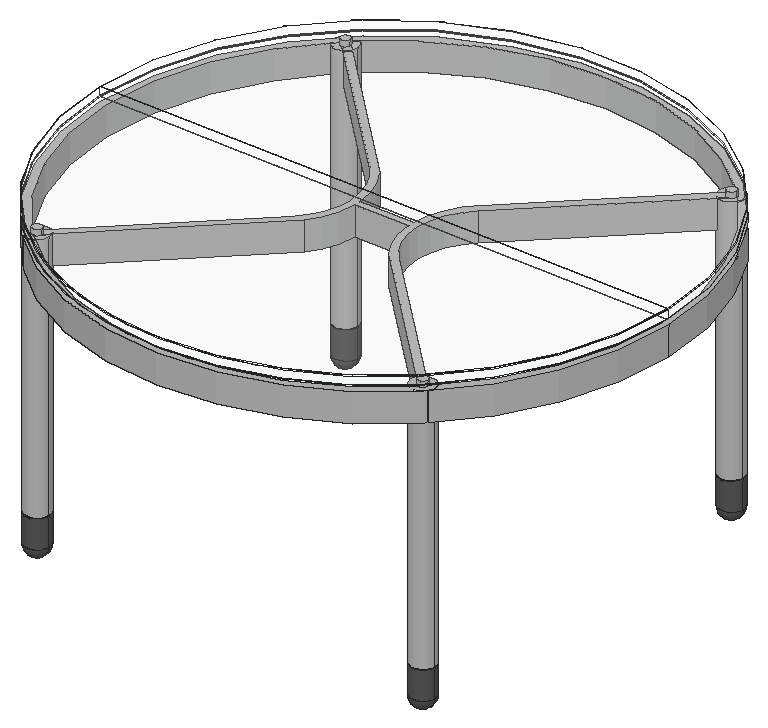
Revit family "805-30CL_Round", category Furniture, Revit 2024
Family settings
  OmniClass Number = 23.40.20.00
  OmniClass Title = General Furniture and Specialties
  Work Plane-Based = No
  Enable Cutting in Views = No
  Always vertical = Yes
  Cut with Voids When Loaded = No
  Render Appearance Source = Family Geometry
  Shared = No
  Room Calculation Point = No
Parameters
  Top Width = 1' - 7.99719"
  Top Diameter = 2' - 6"
  Overall Height = 1' - 4"
  Metal Frame = yes
  Default Elevation = 0' - 0"
  Crossbar Height = 0' - 1 1/2"
  Anklet = yes
Reference planes (in)
  plane 1 "Center Front/Back": y = 0
  plane 2: z = 0
  plane 3 "Center Left/Right": x = 0
Forms (in)
  Revolve 1, solid, material "Glass"
    sketch origin (0, 0, 0) x (1, 0, 0) y (0, 0, 1)
      loop
        line (15.00001, 15.53119) -> (15.00001, 15.9688) -> (14.96881, 16) -> (0, 16) -> (0, 15.49897) -> (14.96779, 15.49897) -> (15.00001, 15.53119)
      axis (0, 15.49897) -> (0, 16)
    angle from 0 to 360
  Extrusion 2, solid, material "Powder Coat - Cement"
    sketch origin (-10, -180, 13.75) x (-1, 0, 0) y (0, -1, 0)
      loop
        line (-8.58023, -180.1875) -> (-11.42401, -180.1875)
        arc (-11.42401, -180.1875) -> (-11.65942, -181.41064) -> (-12.24489, -182.51005) r 4.17875
        line (-12.24489, -182.51005) -> (-20.19205, -190.45721)
        arc (-20.19205, -190.45721) -> (-10, -194.65625) -> (0.19204, -190.45721) r 14.46875
        line (0.19204, -190.45721) -> (-7.7796, -182.48557)
        arc (-7.7796, -182.48557) -> (-8.35078, -181.39606) -> (-8.58023, -180.1875) r 4.18159
      loop
        line (-7.1468, -182.58804) -> (0.43366, -190.16849)
        arc (0.43366, -190.16849) -> (4.60937, -180) -> (0.43365, -169.83151) r 14.46875
        line (0.43365, -169.83151) -> (-7.1468, -177.41196)
        arc (-7.1468, -177.41196) -> (-8.2188, -180) -> (-7.1468, -182.58804) r 3.66004
      loop
        arc (-8.58045, -179.8125) -> (-8.35098, -178.60406) -> (-7.77983, -177.51466) r 4.18153
        line (-7.77983, -177.51466) -> (0.17635, -169.55848)
        arc (0.17635, -169.55848) -> (-10, -165.375) -> (-20.17635, -169.55849) r 14.46875
        line (-20.17635, -169.55849) -> (-12.24462, -177.49022)
        arc (-12.24462, -177.49022) -> (-11.65922, -178.5895) -> (-11.42379, -179.8125) r 4.17871
        line (-11.42379, -179.8125) -> (-8.58045, -179.8125)
      loop
        circle (-10, -180) r 15
      loop
        arc (-20.45721, -169.80796) -> (-24.65625, -180) -> (-20.45721, -190.19204) r 14.46875
        line (-20.45721, -190.19204) -> (-12.85688, -182.59171)
        arc (-12.85688, -182.59171) -> (-11.7812, -180.0053) -> (-12.84937, -177.41579) r 3.66004
        line (-12.84937, -177.41579) -> (-20.45721, -169.80796)
    from 0 to 1.5 <- "Crossbar Height"
  Revolve 3, solid, material "Plastic - Black", visible <- "Anklet", not visible
    sketch origin (-11.48846, 10.32238, 48) x (-1, 0, 0) y (0, 0, 1)
      loop
        line (-0.12913, -47.99957) -> (-0.12913, -45.875) -> (-0.60742, -45.875) -> (-0.60742, -45.93757) -> (-0.7547, -45.93757) -> (-0.7547, -47.39729)
        arc (-0.7547, -47.39729) -> (-0.57001, -47.83148) -> (-0.12913, -47.99957) r 0.60271
      axis (-0.12913, -47.99957) -> (-0.12913, -45.875)
    angle from 0 to 360
  Extrusion 4, solid, material "Powder Coat - Cement", visible <- "Metal Frame", not visible
    sketch origin (-14.85933, 183.72863, 18.28119) x (-1, 0, 0) y (0, -1, 0)
      loop
        circle (-3.5, 173.40625) r 0.25
    from -0.03119 to 0.21899
  Extrusion 5, solid, material "Powder Coat - Cement", visible <- "Metal Frame"
    sketch origin (-3.66523, 3.49678, 0) x (1, 0, 0) y (0, 1, 0)
      loop
        circle (-6.5, 6.66452) r 0.62557
    from 2.125 to 15.24993
  Extrusion 6, solid, material "Powder Coat - Cement", visible <- "Metal Frame"
    sketch origin (-13.68033, 183.56706, 18.28119) x (-1, 0, 0) y (0, -1, 0)
      loop
        circle (-3.5, 173.40625) r 0.25
    from -3.03126 to -2.78228
  Revolve 7, solid, material "Plastic - Black", visible <- "Anklet"
    sketch origin (-10.2956, 10.1613, 48) x (-1, 0, 0) y (0, 0, 1)
      loop
        line (-0.12913, -47.99957) -> (-0.12913, -45.875) -> (-0.62912, -45.875) -> (-0.62912, -45.93757) -> (-0.7547, -45.93757) -> (-0.7547, -47.39729)
        arc (-0.7547, -47.39729) -> (-0.57001, -47.83148) -> (-0.12913, -47.99957) r 0.60271
      axis (-0.12913, -47.99957) -> (-0.12913, -45.875)
    angle from 0 to 360
  Extrusion 8, solid, material "Powder Coat - Cement", visible <- "Metal Frame"
    sketch origin (3.66523, 3.49678, 0) x (-1, 0, 0) y (0, -1, 0)
      loop
        circle (-6.5, -6.66452) r 0.62557
    from 2.125 to 15.24993
  Extrusion 9, solid, material "Powder Coat - Cement", visible <- "Metal Frame"
    sketch origin (13.68033, 183.56706, 18.28119) x (1, 0, 0) y (0, 1, 0)
      loop
        circle (-3.5, -173.40625) r 0.25
    from -3.03126 to -2.78228
  Revolve 10, solid, material "Plastic - Black", visible <- "Anklet"
    sketch origin (10.2956, 10.1613, 48) x (1, 0, 0) y (0, 0, -1)
      loop
        arc (-0.12913, 47.99957) -> (-0.57001, 47.83148) -> (-0.7547, 47.39729) r 0.60271
        line (-0.7547, 47.39729) -> (-0.7547, 45.93757) -> (-0.62912, 45.93757) -> (-0.62912, 45.875) -> (-0.12913, 45.875) -> (-0.12913, 47.99957)
      axis (-0.12913, 47.99957) -> (-0.12913, 45.875)
    angle from 0 to 360
  Extrusion 11, solid, material "Powder Coat - Cement", visible <- "Metal Frame"
    sketch origin (-3.66523, -3.49678, 0) x (1, 0, 0) y (0, 1, 0)
      loop
        circle (-6.5, -6.66452) r 0.62557
    from 2.125 to 15.24993
  Extrusion 12, solid, material "Powder Coat - Cement", visible <- "Metal Frame"
    sketch origin (-13.68033, -183.56706, 18.28119) x (-1, 0, 0) y (0, -1, 0)
      loop
        circle (-3.5, -173.40625) r 0.25
    from -3.03126 to -2.78228
  Revolve 13, solid, material "Plastic - Black", visible <- "Anklet"
    sketch origin (-10.2956, -10.1613, 48) x (-1, 0, 0) y (0, 0, -1)
      loop
        arc (-0.12913, 47.99957) -> (-0.57001, 47.83148) -> (-0.7547, 47.39729) r 0.60271
        line (-0.7547, 47.39729) -> (-0.7547, 45.93757) -> (-0.62912, 45.93757) -> (-0.62912, 45.875) -> (-0.12913, 45.875) -> (-0.12913, 47.99957)
      axis (-0.12913, 47.99957) -> (-0.12913, 45.875)
    angle from 0 to 360
  Extrusion 14, solid, material "Powder Coat - Cement", visible <- "Metal Frame"
    sketch origin (3.66523, -3.49678, 0) x (-1, 0, 0) y (0, -1, 0)
      loop
        circle (-6.5, 6.66452) r 0.62557
    from 2.125 to 15.24993
  Extrusion 15, solid, material "Powder Coat - Cement", visible <- "Metal Frame"
    sketch origin (13.68033, -183.56706, 18.28119) x (1, 0, 0) y (0, 1, 0)
      loop
        circle (-3.5, 173.40625) r 0.25
    from -3.03126 to -2.78228
  Revolve 16, solid, material "Plastic - Black", visible <- "Anklet"
    sketch origin (10.2956, -10.1613, 48) x (1, 0, 0) y (0, 0, 1)
      loop
        line (-0.12913, -47.99957) -> (-0.12913, -45.875) -> (-0.62912, -45.875) -> (-0.62912, -45.93757) -> (-0.7547, -45.93757) -> (-0.7547, -47.39729)
        arc (-0.7547, -47.39729) -> (-0.57001, -47.83148) -> (-0.12913, -47.99957) r 0.60271
      axis (-0.12913, -47.99957) -> (-0.12913, -45.875)
    angle from 0 to 360
Lines and regions (in)
  symbolic lines
    curve 1: line (-15.00001, 0, 15.5314) -> (-15.00001, 0, 15.96781)
    curve 2: line (-15.00001, 0, 15.96781) -> (-14.96781, 0, 16)
    curve 3: line (-14.96781, 0, 16) -> (14.96802, 0, 16)
    curve 4: line (14.96802, 0, 16) -> (15.00001, 0, 15.96802)
    curve 5: line (15.00001, 0, 15.96802) -> (15.00001, 0, 15.53119)
    curve 6: line (0, -15.00001, 15.53119) -> (0, -15.00001, 15.96835)
    curve 7: line (0, -15.00001, 15.96835) -> (0, -14.96836, 16)
    curve 8: line (0, -14.96836, 16) -> (0, 14.96836, 16)
    curve 9: line (0, 14.96836, 16) -> (0, 15.00001, 15.96835)
    curve 10: line (0, 15.00001, 15.96835) -> (0, 15.00001, 15.53119)
    curve 11: line (-15.00001, 0, 15.5314) -> (-14.96781, 0, 15.49921)
    curve 12: line (-14.96781, 0, 15.49921) -> (14.96802, 0, 15.49921)
    curve 13: line (14.96802, 0, 15.49921) -> (15.00001, 0, 15.53119)
    curve 14: line (0, -15.00001, 15.53119) -> (0, -14.96836, 15.49954)
    curve 15: line (0, -14.96836, 15.49954) -> (0, 14.96836, 15.49954)
    curve 16: line (0, 14.96836, 15.49954) -> (0, 15.00001, 15.53119)
Dimensions and locks (in)
  aligned and locked: level to plane 2
